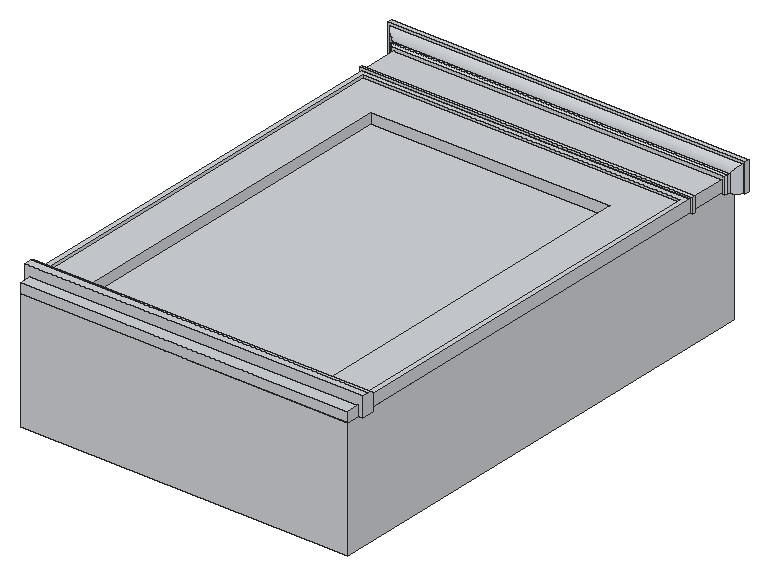
Revit family "56c3696c0cd348ae9b3046ab35db0d80", category Generic Models, host Face, Revit 2021
Family settings
  Host = Face
  Can host rebar = No
  Round Connector Dimension = Use Diameter
  Part Type = Normal
  Cut with Voids When Loaded = No
  Shared = Yes
  Room Calculation Point = No
Parameters (values of type "with Apron")
  Trim Width = 0' - 4 1/2"
  Trim Thickness = 0' - 1 1/4"
  Trim Material [instance] = none
  Sill Thickness = 0' - 1 1/4"
  Opening Width [instance] = 2' - 0"
  Opening Height [instance] = 3' - 0"
  Length = Cornice Thickness * 0.8  # 0' - 1.2"
  Head Height = 0' - 4"
  Default Elevation = 4' - 0"
  Cornice Thickness = 0' - 1 1/2"
  Cornice Depth = Trim Thickness + 0' 1 5/8"  # 0' - 2 7/8"
  Apron Visibility = yes
  Apron Thickness = 0' - 1 1/4"
Types (2): name | Apron Visibility
  with Apron | yes
  without Apron | no
Reference planes (in)
  plane 1 "Center (Front/Back)": y = 0
  plane 2: z = 0
  plane 3 "Center (Left/Right)": x = 0
  plane 4: y = 8.5
  plane 5 "Left": x = -12
  plane 6 "Right": x = 12
  plane 7 "Bottom": y = -36
  plane 8: x = 16.5
  plane 9 "1": x = -16.5
  plane 10: z = 1.25
  plane 11: x = 16.75
  plane 12: x = -16.75
  plane 13: y = -18
  plane 14: y = 10
  plane 15: z = 2.875
  plane 16: z = 2
  plane 17: x = -17.95
  plane 18: x = 17.95
  plane 19: y = -37.25
  plane 20: x = -17
  plane 21: x = 17
  plane 22: y = 9.35714
  plane 23: y = 8.92857
  plane 24: z = 1.5625
  plane 25: z = 1.5625
  plane 26: z = 2.4375
  plane 27: y = 9.78571
  plane 28: y = 9.14286
  plane 29: y = 8.71429
  plane 30: y = 9.57143
  plane 31: z = 2.65625
  plane 32: z = 2.76562
  plane 33: z = 2.54687
  plane 34: y = 9.89286
  plane 35: y = 9.57143
  plane 36: y = 9.14286
  plane 37: y = 8.71429
  plane 38: y = 8.92857
  plane 39: y = 9.78571
  plane 40: y = 9.35714
  plane 41: x = -17.55
  plane 42: x = -17.15
  plane 43: x = 17.15
  plane 44: x = 17.55
  plane 45: z = 1.5
  plane 46: y = -38.5
  plane 47: z = 1
  plane 48: z = 1.78125
  plane 49: x = -17.75
  plane 50: x = -16.95
  plane 51: y = 4.5
  plane 52: x = -16
  plane 53: z = 1
  plane 54: y = 4.75
  plane 55: z = 2
  plane 56: z = 1.5
  plane 57: y = -36.5
  plane 58: x = 16.95
  plane 59: x = 17.75
Forms (in)
  Extrusion 1, solid
    sketch origin (0, 0, 0) x (1, 0, 0) y (0, 1, 0)
      loop
        line (-16.5, 10) -> (-16.5, -38.5) -> (16.5, -38.5) -> (16.5, 10) -> (-16.5, 10)
    from 0 to -12
  Extrusion 2, solid, material <- "Trim Material"
    sketch origin (0, 0, 0) x (0, 1, 0) y (0, 0, 1)
      loop
        line (-36, 0) -> (-36, 1.5)
        arc (-36, 1.5) -> (-36.14645, 1.85355) -> (-36.5, 2) r 0.5
        line (-36.5, 2) -> (-37.25, 2) -> (-37.25, 0) -> (-36, 0)
    from -17 to 17
  Extrusion 3, solid, material <- "Trim Material"
    sketch origin (-16.5, 0, 0) x (0, -1, 0) y (0, 0, 1)
      loop
        line (-10, 0) -> (-8.5, 0) -> (-8.5, 1.5625)
        arc (-8.5, 1.5625) -> (-8.64461, 1.63517) -> (-8.71429, 1.78125) r 0.24972
        line (-8.71429, 1.78125) -> (-8.92857, 1.78125)
        arc (-8.92857, 1.78125) -> (-9.12992, 2.30697) -> (-9.57143, 2.65625) r 1.06348
        line (-9.57143, 2.65625) -> (-9.57143, 2.875) -> (-10, 2.875) -> (-10, 0)
    from -34.45 to 1.45
  Extrusion 4, void
    sketch origin (0, 0, 0) x (1, 0, 0) y (0, 1, 0)
      loop
        line (-17.95, 8.5) -> (-16.75, 8.5)
        arc (-16.75, 8.5) -> (-16.8153, 8.63953) -> (-16.95, 8.71429) r 0.25
        line (-16.95, 8.71429) -> (-16.95, 8.92857)
        arc (-16.95, 8.92857) -> (-17.43276, 9.147) -> (-17.75, 9.57143) r 1.0625
        line (-17.75, 9.57143) -> (-17.95, 9.57143) -> (-17.95, 8.5)
      loop
        line (16.75, 8.5) -> (17.95, 8.5) -> (17.95, 9.57143) -> (17.75, 9.57143)
        arc (17.75, 9.57143) -> (17.43276, 9.147) -> (16.95, 8.92857) r 1.0625
        line (16.95, 8.92857) -> (16.95, 8.71429)
        arc (16.95, 8.71429) -> (16.8153, 8.63953) -> (16.75, 8.5) r 0.25
    from 0 to 2.875
  Extrusion 5, solid, material <- "Trim Material"
    sketch origin (0, 0, 0) x (1, 0, 0) y (0, 1, 0)
      loop
        line (-16.75, 4.75) -> (-16.75, 4.5) -> (16.75, 4.5) -> (16.75, 4.75) -> (-16.75, 4.75)
    from 0 to 1.5
  Extrusion 6, solid, material <- "Trim Material", visible <- "Apron Visibility"
    sketch origin (-12, 0, 0) x (0, 1, 0) y (0, 0, 1)
      loop
        line (-37.25, 1) -> (-38.5, 1) -> (-38.5, 0) -> (-37.25, 0) -> (-37.25, 1)
    from -4.5 to 28.5
  Extrusion 7, solid, material <- "Trim Material"
    sketch origin (0, 0, 0) x (1, 0, 0) y (0, 1, 0)
      loop
        line (-16.5, 8.5) -> (-16.5, 4.5) -> (16.5, 4.5) -> (16.5, 8.5) -> (-16.5, 8.5)
    from 0 to 1.25
  Sweep 8, solid, material <- "Trim Material"
    path origin (0, 0, 0) x (1, 0, 0) y (0, 1, 0)
      loop
        line (-12, -36) -> (-12, 0) -> (12, 0) -> (12, -36)
    profile origin (-12, -18, 0) x (-1, 0, 0) y (0, 0, 1)
      loop
        line (0, 0) -> (4.5, 0) -> (4.5, 1.25) -> (4, 1.25) -> (4, 1) -> (0, 1) -> (0, 0)
Cuts and joins
  Extrusion 4 cuts Extrusion 3
Dimensions and locks (in)
  equal spacing: plane 5 "Left", plane 3 "Center (Left/Right)", plane 6 "Right"
  "Opening Width": plane 5 "Left" to plane 6 "Right"
  "Opening Height": plane 7 "Bottom" to plane 1 "Center (Front/Back)"
  "Trim Width": plane 9 "1" to plane 5 "Left"
  "Trim Width": plane 6 "Right" to plane 8
  locked: plane 12 to plane 9 "1" at 0.25
  locked: plane 8 to plane 11 at 0.25
  equal spacing: plane 7 "Bottom", plane 13, plane 1 "Center (Front/Back)"
  "Trim Thickness": plane 10 to plane 2
  "Length": plane 17 to plane 12
  "Length": plane 11 to plane 18
  "Cornice Thickness": plane 14 to plane 4
  "Sill Thickness": plane 7 "Bottom" to plane 19
  "Cornice Depth": plane 15 to plane 2
  locked: plane 20 to plane 9 "1" at 0.5
  locked: plane 8 to plane 21 at 0.5
  locked: plane 25 to plane 10 at 0.3125
  equal spacing: plane 15, plane 26, plane 16, plane 25
  equal spacing: plane 14, plane 27, plane 30, plane 22, plane 28, plane 23, plane 29, plane 4
  equal spacing: plane 15, plane 32, plane 31, plane 33, plane 26
  equal spacing: plane 14, plane 34, plane 27
  equal spacing: plane 14, plane 39, plane 35, plane 40, plane 36, plane 38, plane 37, plane 4
  equal spacing: plane 17, plane 41, plane 42, plane 12
  equal spacing: plane 11, plane 43, plane 44, plane 18
  locked: plane 45 to plane 10 at 0.25
  "Apron Thickness": plane 19 to plane 46
  locked: plane 47 to plane 2 at 1
  equal spacing: plane 16, plane 48, plane 25
  equal spacing: plane 17, plane 49, plane 41
  equal spacing: plane 42, plane 50, plane 12
  "Trim Width": plane 51 to plane 1 "Center (Front/Back)"
  "Head Height": plane 4 to plane 51
  locked: plane 9 "1" to plane 52 at 0.5
  locked: plane 53 to plane 10 at 0.25
  locked: plane 54 to plane 51 at 0.25
  locked: plane 55 to plane 10 at 0.75
  locked: plane 55 to plane 56 at 0.5
  locked: plane 7 "Bottom" to plane 57 at 0.5
  equal spacing: plane 11, plane 58, plane 43
  equal spacing: plane 44, plane 59, plane 18
  radius of Extrusion 2 sketch curve = 0' - 0 1/2"
  locked: Extrusion 2 sketch curve to Extrusion 2 sketch curve (angle 90.00°)
  aligned and locked: plane 2 to Extrusion 1
  aligned and locked: level to Extrusion 1
  aligned and locked: Extrusion 2 sketch curve to level
  aligned and locked: plane 7 "Bottom" to Extrusion 2 sketch curve
  aligned and locked: plane 17 to Extrusion 3
  aligned and locked: plane 18 to Extrusion 3
  aligned and locked: plane 15 to Extrusion 4
  aligned and locked: Extrusion 4 to plane 2
  aligned and locked: plane 20 to Extrusion 2
  aligned and locked: Extrusion 2 to plane 21
  aligned and locked: plane 2 to Extrusion 3 sketch curve  (x2)
  aligned and locked: plane 4 to Extrusion 3 sketch curve  (x2)
  aligned and locked: plane 25 to Extrusion 3 sketch curve
  aligned and locked: plane 14 to Extrusion 3 sketch curve  (x2)
  aligned and locked: plane 17 to Extrusion 4 sketch curve  (x2)
  aligned and locked: plane 12 to Extrusion 4 sketch curve
  aligned and locked: Extrusion 4 sketch curve to plane 4  (x2)
  aligned and locked: plane 11 to Extrusion 4 sketch curve
  aligned and locked: plane 18 to Extrusion 4 sketch curve  (x2)
  aligned and locked: plane 4 to Extrusion 4 sketch curve
  aligned and locked: plane 35 to Extrusion 4 sketch curve
  aligned and locked: Extrusion 5 sketch curve to plane 12
  aligned and locked: plane 11 to Extrusion 5 sketch curve
  aligned and locked: plane 46 to Extrusion 6 sketch curve
  aligned and locked: plane 47 to Extrusion 6 sketch curve
  aligned and locked: Extrusion 6 sketch curve to plane 19
  aligned and locked: plane 2 to Extrusion 6 sketch curve
  aligned and locked: Extrusion 6 to plane 8
  aligned and locked: plane 9 "1" to Extrusion 6
  aligned and locked: plane 29 to Extrusion 3 sketch curve
  aligned and locked: plane 23 to Extrusion 3 sketch curve
  aligned and locked: Extrusion 3 sketch curve to plane 48
  aligned and locked: plane 31 to Extrusion 3 sketch curve
  aligned and locked: plane 15 to Extrusion 3 sketch curve
  aligned and locked: Extrusion 3 sketch curve to plane 30
  aligned and locked: Extrusion 3 sketch curve to plane 15
  aligned and locked: plane 38 to Extrusion 4 sketch curve  (x2)
  aligned and locked: plane 37 to Extrusion 4 sketch curve  (x2)
  aligned and locked: plane 50 to Extrusion 4 sketch curve
  aligned and locked: plane 49 to Extrusion 4 sketch curve
  aligned and locked: Extrusion 7 sketch curve to plane 4
  aligned and locked: plane 51 to Extrusion 7 sketch curve
  aligned and locked: Extrusion 7 sketch curve to plane 9 "1"
  aligned and locked: Extrusion 7 sketch curve to plane 8
  aligned and locked: Extrusion 7 to plane 2
  aligned and locked: plane 10 to Extrusion 7
  aligned and locked: plane 7 "Bottom" to Sweep 8 sketch curve  (x2)
  aligned and locked: Sweep 8 sketch curve to plane 5 "Left"  (x2)
  aligned and locked: plane 5 "Left" to Sweep 8 sketch curve  (x2)
  aligned and locked: plane 1 "Center (Front/Back)" to Sweep 8 sketch curve  (x2)
  aligned and locked: Sweep 8 sketch curve to plane 6 "Right"
  aligned and locked: Sweep 8 sketch curve to plane 2
  aligned and locked: plane 52 to Sweep 8 sketch curve  (x2)
  aligned and locked: plane 2 to Sweep 8 sketch curve
  aligned and locked: Sweep 8 sketch curve to plane 9 "1"
  aligned and locked: Sweep 8 sketch curve to plane 53
  aligned and locked: Sweep 8 sketch curve to plane 10
  aligned and locked: Extrusion 5 sketch curve to plane 54
  aligned and locked: plane 51 to Extrusion 5 sketch curve
  aligned and locked: plane 45 to Extrusion 5
  aligned and locked: Extrusion 5 to plane 2
  aligned and locked: plane 57 to Extrusion 2 sketch curve
  aligned and locked: plane 56 to Extrusion 2 sketch curve  (x2)
  aligned and locked: plane 55 to Extrusion 2 sketch curve
  aligned and locked: plane 19 to Extrusion 2 sketch curve
  aligned and locked: Extrusion 4 sketch curve to plane 58
  aligned and locked: plane 59 to Extrusion 4 sketch curve
  aligned and locked: Extrusion 4 sketch curve to plane 35
Automatic sketch dimensions
  Extrusion 1 sketch curve to Extrusion 1 sketch curve = 2' - 9"
  Extrusion 1 sketch curve to Extrusion 1 sketch curve = 4' - 0 1/2"
  Extrusion 3 sketch curve to plane 14 = 0' - 0.01304"
  plane 48 to Extrusion 3 sketch curve = 0' - 0.02867"
  Extrusion 4 sketch curve to plane 35 = 0' - 0"
  plane 20 to Extrusion 4 sketch curve = 0' - 0.00194"
  plane 12 to Extrusion 4 sketch curve = 0' - 0.01722"
  Extrusion 4 sketch curve to plane 11 = 0' - 0.01722"
  plane 21 to Extrusion 4 sketch curve = 0' - 0.00194"
